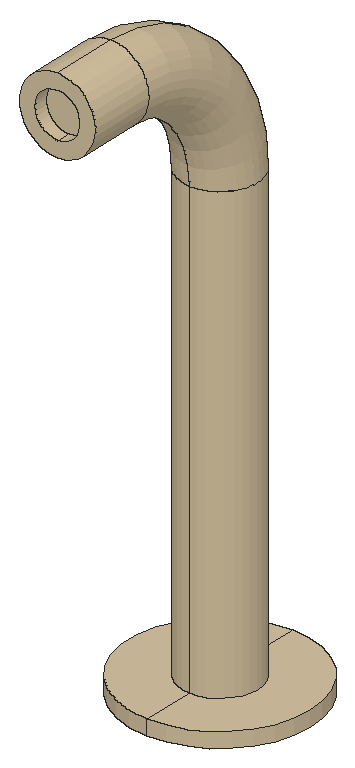
Revit family "Reece_Tap_Milli_Pure_Bath Outlet_Wall Mount_200 mm", category Plumbing Fixtures, host Face, Revit 2018
Family settings
  Host = Face
  Round Connector Dimension = Use Diameter
  Part Type = Normal
  Cut with Voids When Loaded = No
  Shared = Yes
  Room Calculation Point = Yes
Parameters (values of type "PVD Brushed Gold")
  URL = "https://www.reece.com.au/product/-9510909"
  Type Comments = "Tap"
  Reece_Product_Description = "Milli Pure Wall Bath Outlet 200mm PVD Brushed Gold"
  Reece_Product_Type = "Tap"  # constant formula
  Reece_Product_Number = "9510909"
  Reece_Product_Brand = "Milli"  # constant formula
  Reece_Product_Web Page = "https://www.reece.com.au/product/-9510909"
  Reece_Product_Mount = "Wall Mounted"
  Reece_Product_Sub Brand = "Pure"  # constant formula
  WFU = 0  # constant formula
  Reece_Tap_Reach = 200 mm  # constant formula
  Reece_Tap_Inlet = 15 mm  # constant formula
  Reece_Stand_Baseplate_Radius = 30 mm  # constant formula
  Reece_Overall_Length = 212.5 mm  # constant formula
  Reece_Material-Main = Reece_PVD_Brushed Gold
  Reece_Detail_Shape = ""
  Reece_Detail_Installation = ""
  Reece_Detail_Disclaimer = "THIS FILE IS THE PROPERTY OF THE REECE GROUP. IT MAY NOT BE REPRODUCED, REVERSE-ENGINEERED OR MODIFIED. ANY REPUBLICATION, TRANSMISSION OR DISTRIBUTION FOR THE PURPOSE OF COMMERCIALLY EXPLOITING THE FILES IS PROHIBITED."  # constant formula
  Reece_Detail_Connector = ""
  Reece_Detail_Additional = ""
  Reece_Baseplate_Void Cut Radius = 20 mm  # constant formula
  Model = "Pure"
  Manufacturer = "Milli"
  Keynote = "Product #9510909, Reece_Tap_Milli_Pure_Bath Outlet_Wall Mount_200 mm - PVD Brushed Gold"
  HWFU = 0  # constant formula
  Disclaimer = "THIS FILE IS THE PROPERTY OF THE REECE GROUP. IT MAY NOT BE REPRODUCED, REVERSE-ENGINEERED OR MODIFIED. ANY REPUBLICATION, TRANSMISSION OR DISTRIBUTION FOR THE PURPOSE OF COMMERCIALLY EXPLOITING THE FILES IS PROHIBITED."  # constant formula
  Description = "Milli Pure Wall Bath Outlet 200mm PVD Brushed Gold"
  Default Elevation = 1000 mm
  CWFU = 0  # constant formula
Types (7, lengths in mm): name | URL | Reece_Product_Description | Reece_Product_Number | Reece_Product_Web Page | Reece_Material-Main | Keynote | Description
  (no name) | "https://www.reece.com.au/product/-2299199" | "Milli Pure Wall Bath Outlet 200mm Brushed Nickel" | "2299199" | "https://www.reece.com.au/product/-2299199" | Reece_Brass_Brushed Nickel | "Product #2299199, Reece_Tap_Milli_Pure_Bath Outlet_Wall Mount_200 mm -  " | "Milli Pure Wall Bath Outlet 200mm Brushed Nickel"
  Chrome | "https://www.reece.com.au/product/-2263288" | "Milli Pure Wall Bath Outlet 200mm Chrome" | "2263288" | "https://www.reece.com.au/product/-2263288" | Reece_Brass_Chrome | "Product #2263288, Reece_Tap_Milli_Pure_Bath Outlet_Wall Mount_200 mm - Chrome" | "Milli Pure Wall Bath Outlet 200mm Chrome"
  Matte Black | "https://www.reece.com.au/product/-2281231" | "Milli Pure Wall Bath Outlet 200mm Matte Black" | "2281231" | "https://www.reece.com.au/product/-2281231" | Reece_Brass_Matte Black | "Product #2281231, Reece_Tap_Milli_Pure_Bath Outlet_Wall Mount_200 mm - Matte Black" | "Milli Pure Wall Bath Outlet 200mm Matte Black"
  Brushed Gunmetal | "https://www.reece.com.au/product/-2281309" | "Milli Pure Wall Bath Outlet 200mm Brushed Gunmetal" | "2281309" | "https://www.reece.com.au/product/-2281309" | Reece_Brass_Brushed Gunmetal | "Product #2281309, Reece_Tap_Milli_Pure_Bath Outlet_Wall Mount_200 mm - Brushed Gunmetal" | "Milli Pure Wall Bath Outlet 200mm Brushed Gunmetal"
  Brushed Nickel | "https://www.reece.com.au/product/-2299199" | "Milli Pure Wall Bath Outlet 200mm Brushed Nickel" | "2299199" | "https://www.reece.com.au/product/-2299199" | Reece_Brass_Brushed Nickel | "Product #2299199, Reece_Tap_Milli_Pure_Bath Outlet_Wall Mount_200 mm - Brushed Nickel" | "Milli Pure Wall Bath Outlet 200mm Brushed Nickel"
  PVD Brushed Bronze | "https://www.reece.com.au/product/-9511094" | "Milli Pure Wall Bath Outlet 200mm PVD Brushed Bronze" | "9511094" | "https://www.reece.com.au/product/-9511094" | Reece_PVD_Brushed Bronze | "Product #9511094, Reece_Tap_Milli_Pure_Bath Outlet_Wall Mount_200 mm - PVD Brushed Bronze" | "Milli Pure Wall Bath Outlet 200mm PVD Brushed Bronze"
  PVD Brushed Gold | "https://www.reece.com.au/product/-9510909" | "Milli Pure Wall Bath Outlet 200mm PVD Brushed Gold" | "9510909" | "https://www.reece.com.au/product/-9510909" | Reece_PVD_Brushed Gold | "Product #9510909, Reece_Tap_Milli_Pure_Bath Outlet_Wall Mount_200 mm - PVD Brushed Gold" | "Milli Pure Wall Bath Outlet 200mm PVD Brushed Gold"
Reference planes
  plane 1 "Center (Front/Back)": y = 0
  plane 2: z = 0
  plane 3 "Center (Left/Right)": x = 0
  plane 4: z = 200
  plane 5: y = -67
  plane 6: z = 212.5
Forms (mm)
  Revolve 1, solid, material "Reece_PVD_Brushed Gold" <- "Reece_Material-Main"
    sketch origin (0, 0, 23) x (0, 1, 0) y (0, 0, 1)
      loop
        line (10, -17.988) -> (10, -19.988) -> (27.956, -19.988) -> (27.956, -23) -> (30, -23) -> (30, -17.988) -> (10, -17.988)
      axis (0, -17.988) -> (0, -23)
    angle from 0 to 360
  Sweep 2, solid, material "Reece_PVD_Brushed Gold" <- "Reece_Material-Main"
    path origin (0, 0, 0) x (0, 1, 0) y (0, 0, 1)
      loop
        line (0, 5.012) -> (0, 155)
        arc (0, 155) -> (-13.18, 186.82) -> (-45, 200) r 45
        line (-45, 200) -> (-67, 200)
    profile origin (0, 0, 80.006) x (0, -1, 0) y (1, 0, 0)
      loop
        circle (0, 0) r 12.5
      loop
        circle (0, 0) r 7.5
  Extrusion 3, solid, material "Reece_PVD_Brushed Gold" <- "Reece_Material-Main"
    sketch origin (0, -68.351, 160) x (1, 0, 0) y (0, 0, 1)
      loop
        circle (0, 40) r 7.5
    from -10 to -5.89
  Revolve 4, void
    sketch origin (0, 0, 39.453) x (0, 1, 0) y (0, 0, 1)
      loop
        line (-20, -39.453) -> (-20, -79.453) -> (0, -79.453) -> (0, -39.453) -> (-20, -39.453)
      axis (0, -39.453) -> (0, -79.453)
    angle from 0 to 360
Cuts and joins
  Revolve 4 cuts Revolve 1
  Revolve 4 cuts Sweep 2
  joined: Revolve 1, Sweep 2, Extrusion 3
Text (mm)
  text "Reece Copyright © 2018, Reece Ltd." at (-1164.308, -468.56, 0), in view "Ref. Level"
  text "Reece ©" at (-7.653, 198.338, 183.77), in view "Reece Preview"
Dimensions and locks
  "Reece_Stand_Baseplate_Radius": Revolve 1 sketch curve to Revolve 1 sketch curve
  "Reece_Tap_Reach": plane 4 to host face
  "Reece_Baseplate_Void Cut Radius": Revolve 4 sketch curve to Revolve 4 sketch curve
  plane 5 to plane 1 "Center (Front/Back)" = 67 mm
  "Reece_Overall_Length": plane 6 to plane 2
  aligned and locked: host face to plane 2
  aligned and locked: level to host face
  aligned and locked: Revolve 4 sketch curve to Revolve 4 sketch curve
Automatic sketch dimensions
  host sketch curve to host sketch curve = 481.758 mm
  host sketch curve to host sketch curve = 479.681 mm
  Sweep 2 sketch curve to plane 3 "Center (Left/Right)" = 0 mm
  Sweep 2 sketch curve to profile plane = 0 mm
  Sweep 2 sketch curve to Sweep 2 sketch curve = 0 mm  (x2)
  Sweep 2 sketch curve to plane 4 = 0 mm
  Sweep 2 sketch curve to plane 5 = 0 mm
  Sweep 2 sketch curve to plane 1 "Center (Front/Back)" = 0 mm
  plane 5 to Sweep 2 sketch curve = 22 mm
  level to Sweep 2 sketch curve = 5.012 mm
  Extrusion 3 sketch curve to Extrusion 3 sketch curve = 0 mm  (x2)
  Extrusion 3 sketch curve to plane 3 "Center (Left/Right)" = 0 mm
  Extrusion 3 sketch curve to plane 4 = 0 mm
  Extrusion 3 sketch curve to plane 4 = 7.5 mm
  Revolve 1 sketch curve to plane 1 "Center (Front/Back)" = 0 mm
  Revolve 1 sketch curve to level = 0 mm
  Revolve 1 sketch curve to plane 1 "Center (Front/Back)" = 10 mm
  Revolve 1 sketch curve to Revolve 1 sketch curve = 2.044 mm
  level to Revolve 1 sketch curve = 3.012 mm
  Revolve 1 sketch curve to Revolve 1 sketch curve = 2 mm
  Revolve 1 sketch curve to level = 317.81 mm
  plane 6 to Revolve 1 sketch curve = 484.332 mm
  Revolve 4 sketch curve to level = 0 mm
  Revolve 4 sketch curve to plane 1 "Center (Front/Back)" = 0 mm
  Revolve 4 sketch curve to level = 40 mm
  Revolve 4 sketch curve to Revolve 4 sketch curve = 261.356 mm
  plane 6 to Revolve 4 sketch curve = 1901.207 mm
  radius of Sweep 2 sketch curve = 12.5 mm
  radius of Sweep 2 sketch curve = 7.5 mm
Connectors
  piping at (0, 0, 0), diameter 15, driven by "Reece_Tap_Inlet"
    settings: on host face, index 1, connector inside diameter 609.6 mm, connector length 0 mm, flow factor 0, pipe flow 0.0 L/s, pressure drop 0.0 Pa, fitting loss kfactor 0, connector angle 0.00°, fixture units 0, engagement length 0 mm, angle of deflection 0.00°, flow configuration 0, flow direction 1, fitting loss method 0, system type 29, joint type 0, gender type 0, connector reference index -1, connector utility 0, adjustable connector no, is connector primary yes, connector description ""
